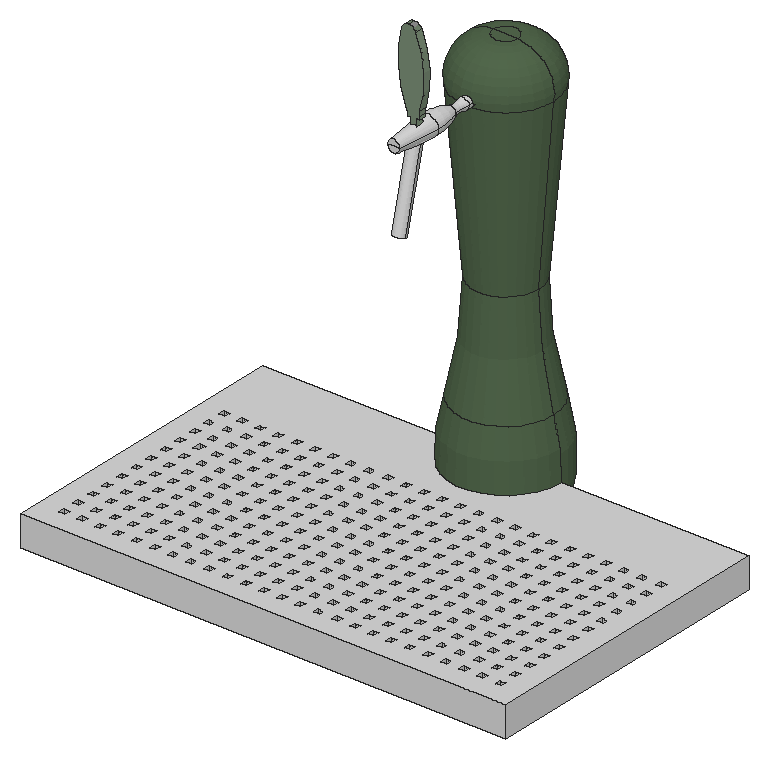
Revit family
Reference planes
  plane 1 "Mitte (Vorne/hinten)": y = 0
  plane 2: z = 0
  plane 3 "Mitte (Links/rechts)": x = 0
Forms (mm)
  Extrusion 1, solid, material "_Zapft'is_Chrom"
    sketch origin (0, 0, 0) x (1, 0, 0) y (0, 1, 0)
      loop
        line (-200, 125) -> (-200, -125) -> (200, -125) -> (200, 125) -> (-200, 125)
    from 10 to 35
  Extrusion 2, void
    sketch origin (0, 0, 0) x (1, 0, 0) y (0, 1, 0)
      loop
        line (-167.5, 62.5) -> (-167.5, 57.5) -> (-162.5, 57.5) -> (-162.5, 62.5) -> (-167.5, 62.5)
      loop
        line (-182.5, 62.5) -> (-182.5, 57.5) -> (-177.5, 57.5) -> (-177.5, 62.5) -> (-182.5, 62.5)
      loop
        line (-152.5, 62.5) -> (-152.5, 57.5) -> (-147.5, 57.5) -> (-147.5, 62.5) -> (-152.5, 62.5)
      loop
        line (-137.5, 62.5) -> (-137.5, 57.5) -> (-132.5, 57.5) -> (-132.5, 62.5) -> (-137.5, 62.5)
      loop
        line (-122.5, 62.5) -> (-122.5, 57.5) -> (-117.5, 57.5) -> (-117.5, 62.5) -> (-122.5, 62.5)
      loop
        line (-107.5, 62.5) -> (-107.5, 57.5) -> (-102.5, 57.5) -> (-102.5, 62.5) -> (-107.5, 62.5)
      loop
        line (-92.5, 62.5) -> (-92.5, 57.5) -> (-87.5, 57.5) -> (-87.5, 62.5) -> (-92.5, 62.5)
      loop
        line (-77.5, 62.5) -> (-77.5, 57.5) -> (-72.5, 57.5) -> (-72.5, 62.5) -> (-77.5, 62.5)
      loop
        line (-62.5, 62.5) -> (-62.5, 57.5) -> (-57.5, 57.5) -> (-57.5, 62.5) -> (-62.5, 62.5)
      loop
        line (-47.5, 62.5) -> (-47.5, 57.5) -> (-42.5, 57.5) -> (-42.5, 62.5) -> (-47.5, 62.5)
      loop
        line (-32.5, 62.5) -> (-32.5, 57.5) -> (-27.5, 57.5) -> (-27.5, 62.5) -> (-32.5, 62.5)
      loop
        line (-17.5, 62.5) -> (-17.5, 57.5) -> (-12.5, 57.5) -> (-12.5, 62.5) -> (-17.5, 62.5)
      loop
        line (-2.5, 62.5) -> (-2.5, 57.5) -> (2.5, 57.5) -> (2.5, 62.5) -> (-2.5, 62.5)
      loop
        line (-167.5, 47.5) -> (-167.5, 42.5) -> (-162.5, 42.5) -> (-162.5, 47.5) -> (-167.5, 47.5)
      loop
        line (-182.5, 47.5) -> (-182.5, 42.5) -> (-177.5, 42.5) -> (-177.5, 47.5) -> (-182.5, 47.5)
      loop
        line (-152.5, 47.5) -> (-152.5, 42.5) -> (-147.5, 42.5) -> (-147.5, 47.5) -> (-152.5, 47.5)
      loop
        line (-137.5, 47.5) -> (-137.5, 42.5) -> (-132.5, 42.5) -> (-132.5, 47.5) -> (-137.5, 47.5)
      loop
        line (-122.5, 47.5) -> (-122.5, 42.5) -> (-117.5, 42.5) -> (-117.5, 47.5) -> (-122.5, 47.5)
      loop
        line (-107.5, 47.5) -> (-107.5, 42.5) -> (-102.5, 42.5) -> (-102.5, 47.5) -> (-107.5, 47.5)
      loop
        line (-92.5, 47.5) -> (-92.5, 42.5) -> (-87.5, 42.5) -> (-87.5, 47.5) -> (-92.5, 47.5)
      loop
        line (-77.5, 47.5) -> (-77.5, 42.5) -> (-72.5, 42.5) -> (-72.5, 47.5) -> (-77.5, 47.5)
      loop
        line (-62.5, 47.5) -> (-62.5, 42.5) -> (-57.5, 42.5) -> (-57.5, 47.5) -> (-62.5, 47.5)
      loop
        line (-47.5, 47.5) -> (-47.5, 42.5) -> (-42.5, 42.5) -> (-42.5, 47.5) -> (-47.5, 47.5)
      loop
        line (-32.5, 47.5) -> (-32.5, 42.5) -> (-27.5, 42.5) -> (-27.5, 47.5) -> (-32.5, 47.5)
      loop
        line (-17.5, 47.5) -> (-17.5, 42.5) -> (-12.5, 42.5) -> (-12.5, 47.5) -> (-17.5, 47.5)
      loop
        line (-2.5, 47.5) -> (-2.5, 42.5) -> (2.5, 42.5) -> (2.5, 47.5) -> (-2.5, 47.5)
      loop
        line (-167.5, 32.5) -> (-167.5, 27.5) -> (-162.5, 27.5) -> (-162.5, 32.5) -> (-167.5, 32.5)
      loop
        line (-182.5, 32.5) -> (-182.5, 27.5) -> (-177.5, 27.5) -> (-177.5, 32.5) -> (-182.5, 32.5)
      loop
        line (-152.5, 32.5) -> (-152.5, 27.5) -> (-147.5, 27.5) -> (-147.5, 32.5) -> (-152.5, 32.5)
      loop
        line (-137.5, 32.5) -> (-137.5, 27.5) -> (-132.5, 27.5) -> (-132.5, 32.5) -> (-137.5, 32.5)
      loop
        line (-122.5, 32.5) -> (-122.5, 27.5) -> (-117.5, 27.5) -> (-117.5, 32.5) -> (-122.5, 32.5)
      loop
        line (-107.5, 32.5) -> (-107.5, 27.5) -> (-102.5, 27.5) -> (-102.5, 32.5) -> (-107.5, 32.5)
      loop
        line (-92.5, 32.5) -> (-92.5, 27.5) -> (-87.5, 27.5) -> (-87.5, 32.5) -> (-92.5, 32.5)
      loop
        line (-77.5, 32.5) -> (-77.5, 27.5) -> (-72.5, 27.5) -> (-72.5, 32.5) -> (-77.5, 32.5)
      loop
        line (-62.5, 32.5) -> (-62.5, 27.5) -> (-57.5, 27.5) -> (-57.5, 32.5) -> (-62.5, 32.5)
      loop
        line (-47.5, 32.5) -> (-47.5, 27.5) -> (-42.5, 27.5) -> (-42.5, 32.5) -> (-47.5, 32.5)
      loop
        line (-32.5, 32.5) -> (-32.5, 27.5) -> (-27.5, 27.5) -> (-27.5, 32.5) -> (-32.5, 32.5)
      loop
        line (-17.5, 32.5) -> (-17.5, 27.5) -> (-12.5, 27.5) -> (-12.5, 32.5) -> (-17.5, 32.5)
      loop
        line (-2.5, 32.5) -> (-2.5, 27.5) -> (2.5, 27.5) -> (2.5, 32.5) -> (-2.5, 32.5)
      loop
        line (-167.5, 18.875) -> (-167.5, 12.5) -> (-162.5, 12.5) -> (-162.5, 18.875) -> (-167.5, 18.875)
      loop
        line (-182.5, 17.5) -> (-182.5, 12.5) -> (-177.5, 12.5) -> (-177.5, 17.5) -> (-182.5, 17.5)
      loop
        line (-152.5, 17.5) -> (-152.5, 12.5) -> (-147.5, 12.5) -> (-147.5, 17.5) -> (-152.5, 17.5)
      loop
        line (-137.5, 17.5) -> (-137.5, 12.5) -> (-132.5, 12.5) -> (-132.5, 17.5) -> (-137.5, 17.5)
      loop
        line (-122.5, 17.5) -> (-122.5, 12.5) -> (-117.5, 12.5) -> (-117.5, 17.5) -> (-122.5, 17.5)
      loop
        line (-107.5, 17.5) -> (-107.5, 12.5) -> (-102.5, 12.5) -> (-102.5, 17.5) -> (-107.5, 17.5)
      loop
        line (-92.5, 17.5) -> (-92.5, 12.5) -> (-87.5, 12.5) -> (-87.5, 17.5) -> (-92.5, 17.5)
      loop
        line (-77.5, 17.5) -> (-77.5, 12.5) -> (-72.5, 12.5) -> (-72.5, 17.5) -> (-77.5, 17.5)
      loop
        line (-62.5, 17.5) -> (-62.5, 12.5) -> (-57.5, 12.5) -> (-57.5, 17.5) -> (-62.5, 17.5)
      loop
        line (-47.5, 17.5) -> (-47.5, 12.5) -> (-42.5, 12.5) -> (-42.5, 17.5) -> (-47.5, 17.5)
      loop
        line (-32.5, 17.5) -> (-32.5, 12.5) -> (-27.5, 12.5) -> (-27.5, 17.5) -> (-32.5, 17.5)
      loop
        line (-17.5, 17.5) -> (-17.5, 12.5) -> (-12.5, 12.5) -> (-12.5, 17.5) -> (-17.5, 17.5)
      loop
        line (-2.5, 17.5) -> (-2.5, 12.5) -> (2.5, 12.5) -> (2.5, 17.5) -> (-2.5, 17.5)
      loop
        line (-167.5, 2.5) -> (-167.5, -2.5) -> (-162.5, -2.5) -> (-162.5, 2.5) -> (-167.5, 2.5)
      loop
        line (-182.5, 2.5) -> (-182.5, -2.5) -> (-177.5, -2.5) -> (-177.5, 2.5) -> (-182.5, 2.5)
      loop
        line (-152.5, 2.5) -> (-152.5, -2.5) -> (-147.5, -2.5) -> (-147.5, 2.5) -> (-152.5, 2.5)
      loop
        line (-137.5, 2.5) -> (-137.5, -2.5) -> (-132.5, -2.5) -> (-132.5, 2.5) -> (-137.5, 2.5)
      loop
        line (-122.5, 2.5) -> (-122.5, -2.5) -> (-117.5, -2.5) -> (-117.5, 2.5) -> (-122.5, 2.5)
      loop
        line (-107.5, 2.5) -> (-107.5, -2.5) -> (-102.5, -2.5) -> (-102.5, 2.5) -> (-107.5, 2.5)
      loop
        line (-92.5, 2.5) -> (-92.5, -2.5) -> (-87.5, -2.5) -> (-87.5, 2.5) -> (-92.5, 2.5)
      loop
        line (-77.5, 2.5) -> (-77.5, -2.5) -> (-72.5, -2.5) -> (-72.5, 2.5) -> (-77.5, 2.5)
      loop
        line (-62.5, 2.5) -> (-62.5, -2.5) -> (-57.5, -2.5) -> (-57.5, 2.5) -> (-62.5, 2.5)
      loop
        line (-47.5, 2.5) -> (-47.5, -2.5) -> (-42.5, -2.5) -> (-42.5, 2.5) -> (-47.5, 2.5)
      loop
        line (-32.5, 2.5) -> (-32.5, -2.5) -> (-27.5, -2.5) -> (-27.5, 2.5) -> (-32.5, 2.5)
      loop
        line (-17.5, 2.5) -> (-17.5, -2.5) -> (-12.5, -2.5) -> (-12.5, 2.5) -> (-17.5, 2.5)
      loop
        line (-2.5, 2.5) -> (-2.5, -2.5) -> (2.5, -2.5) -> (2.5, 2.5) -> (-2.5, 2.5)
      loop
        line (167.5, 62.5) -> (162.5, 62.5) -> (162.5, 57.5) -> (167.5, 57.5) -> (167.5, 62.5)
      loop
        line (182.5, 62.5) -> (177.5, 62.5) -> (177.5, 57.5) -> (182.5, 57.5) -> (182.5, 62.5)
      loop
        line (152.5, 62.5) -> (147.5, 62.5) -> (147.5, 57.5) -> (152.5, 57.5) -> (152.5, 62.5)
      loop
        line (137.5, 62.5) -> (132.5, 62.5) -> (132.5, 57.5) -> (137.5, 57.5) -> (137.5, 62.5)
      loop
        line (122.5, 62.5) -> (117.5, 62.5) -> (117.5, 57.5) -> (122.5, 57.5) -> (122.5, 62.5)
      loop
        line (107.5, 62.5) -> (102.5, 62.5) -> (102.5, 57.5) -> (107.5, 57.5) -> (107.5, 62.5)
      loop
        line (92.5, 62.5) -> (87.5, 62.5) -> (87.5, 57.5) -> (92.5, 57.5) -> (92.5, 62.5)
      loop
        line (77.5, 62.5) -> (72.5, 62.5) -> (72.5, 57.5) -> (77.5, 57.5) -> (77.5, 62.5)
      loop
        line (62.5, 62.5) -> (57.5, 62.5) -> (57.5, 57.5) -> (62.5, 57.5) -> (62.5, 62.5)
      loop
        line (47.5, 62.5) -> (42.5, 62.5) -> (42.5, 57.5) -> (47.5, 57.5) -> (47.5, 62.5)
      loop
        line (32.5, 62.5) -> (27.5, 62.5) -> (27.5, 57.5) -> (32.5, 57.5) -> (32.5, 62.5)
      loop
        line (17.5, 62.5) -> (12.5, 62.5) -> (12.5, 57.5) -> (17.5, 57.5) -> (17.5, 62.5)
      loop
        line (167.5, 47.5) -> (162.5, 47.5) -> (162.5, 42.5) -> (167.5, 42.5) -> (167.5, 47.5)
      loop
        line (182.5, 47.5) -> (177.5, 47.5) -> (177.5, 42.5) -> (182.5, 42.5) -> (182.5, 47.5)
      loop
        line (152.5, 47.5) -> (147.5, 47.5) -> (147.5, 42.5) -> (152.5, 42.5) -> (152.5, 47.5)
      loop
        line (137.5, 47.5) -> (132.5, 47.5) -> (132.5, 42.5) -> (137.5, 42.5) -> (137.5, 47.5)
      loop
        line (122.5, 47.5) -> (117.5, 47.5) -> (117.5, 42.5) -> (122.5, 42.5) -> (122.5, 47.5)
      loop
        line (107.5, 47.5) -> (102.5, 47.5) -> (102.5, 42.5) -> (107.5, 42.5) -> (107.5, 47.5)
      loop
        line (92.5, 47.5) -> (87.5, 47.5) -> (87.5, 42.5) -> (92.5, 42.5) -> (92.5, 47.5)
      loop
        line (77.5, 47.5) -> (72.5, 47.5) -> (72.5, 42.5) -> (77.5, 42.5) -> (77.5, 47.5)
      loop
        line (62.5, 47.5) -> (57.5, 47.5) -> (57.5, 42.5) -> (62.5, 42.5) -> (62.5, 47.5)
      loop
        line (47.5, 47.5) -> (42.5, 47.5) -> (42.5, 42.5) -> (47.5, 42.5) -> (47.5, 47.5)
      loop
        line (32.5, 47.5) -> (27.5, 47.5) -> (27.5, 42.5) -> (32.5, 42.5) -> (32.5, 47.5)
      loop
        line (17.5, 47.5) -> (12.5, 47.5) -> (12.5, 42.5) -> (17.5, 42.5) -> (17.5, 47.5)
      loop
        line (167.5, 32.5) -> (162.5, 32.5) -> (162.5, 27.5) -> (167.5, 27.5) -> (167.5, 32.5)
      loop
        line (182.5, 32.5) -> (177.5, 32.5) -> (177.5, 27.5) -> (182.5, 27.5) -> (182.5, 32.5)
      loop
        line (152.5, 32.5) -> (147.5, 32.5) -> (147.5, 27.5) -> (152.5, 27.5) -> (152.5, 32.5)
      loop
        line (137.5, 32.5) -> (132.5, 32.5) -> (132.5, 27.5) -> (137.5, 27.5) -> (137.5, 32.5)
      loop
        line (122.5, 32.5) -> (117.5, 32.5) -> (117.5, 27.5) -> (122.5, 27.5) -> (122.5, 32.5)
      loop
        line (107.5, 32.5) -> (102.5, 32.5) -> (102.5, 27.5) -> (107.5, 27.5) -> (107.5, 32.5)
      loop
        line (92.5, 32.5) -> (87.5, 32.5) -> (87.5, 27.5) -> (92.5, 27.5) -> (92.5, 32.5)
      loop
        line (77.5, 32.5) -> (72.5, 32.5) -> (72.5, 27.5) -> (77.5, 27.5) -> (77.5, 32.5)
      loop
        line (62.5, 32.5) -> (57.5, 32.5) -> (57.5, 27.5) -> (62.5, 27.5) -> (62.5, 32.5)
      loop
        line (47.5, 32.5) -> (42.5, 32.5) -> (42.5, 27.5) -> (47.5, 27.5) -> (47.5, 32.5)
      loop
        line (32.5, 32.5) -> (27.5, 32.5) -> (27.5, 27.5) -> (32.5, 27.5) -> (32.5, 32.5)
      loop
        line (17.5, 32.5) -> (12.5, 32.5) -> (12.5, 27.5) -> (17.5, 27.5) -> (17.5, 32.5)
      loop
        line (167.5, 17.5) -> (162.5, 17.5) -> (162.5, 12.5) -> (167.5, 12.5) -> (167.5, 17.5)
      loop
        line (182.5, 17.5) -> (177.5, 17.5) -> (177.5, 12.5) -> (182.5, 12.5) -> (182.5, 17.5)
      loop
        line (152.5, 17.5) -> (147.5, 17.5) -> (147.5, 12.5) -> (152.5, 12.5) -> (152.5, 17.5)
      loop
        line (137.5, 17.5) -> (132.5, 17.5) -> (132.5, 12.5) -> (137.5, 12.5) -> (137.5, 17.5)
      loop
        line (122.5, 17.5) -> (117.5, 17.5) -> (117.5, 12.5) -> (122.5, 12.5) -> (122.5, 17.5)
      loop
        line (107.5, 17.5) -> (102.5, 17.5) -> (102.5, 12.5) -> (107.5, 12.5) -> (107.5, 17.5)
      loop
        line (92.5, 17.5) -> (87.5, 17.5) -> (87.5, 12.5) -> (92.5, 12.5) -> (92.5, 17.5)
      loop
        line (77.5, 17.5) -> (72.5, 17.5) -> (72.5, 12.5) -> (77.5, 12.5) -> (77.5, 17.5)
      loop
        line (62.5, 17.5) -> (57.5, 17.5) -> (57.5, 12.5) -> (62.5, 12.5) -> (62.5, 17.5)
      loop
        line (47.5, 17.5) -> (42.5, 17.5) -> (42.5, 12.5) -> (47.5, 12.5) -> (47.5, 17.5)
      loop
        line (32.5, 17.5) -> (27.5, 17.5) -> (27.5, 12.5) -> (32.5, 12.5) -> (32.5, 17.5)
      loop
        line (17.5, 17.5) -> (12.5, 17.5) -> (12.5, 12.5) -> (17.5, 12.5) -> (17.5, 17.5)
      loop
        line (167.5, 2.5) -> (162.5, 2.5) -> (162.5, -2.5) -> (167.5, -2.5) -> (167.5, 2.5)
      loop
        line (182.5, 2.5) -> (177.5, 2.5) -> (177.5, -2.5) -> (182.5, -2.5) -> (182.5, 2.5)
      loop
        line (152.5, 2.5) -> (147.5, 2.5) -> (147.5, -2.5) -> (152.5, -2.5) -> (152.5, 2.5)
      loop
        line (137.5, 2.5) -> (132.5, 2.5) -> (132.5, -2.5) -> (137.5, -2.5) -> (137.5, 2.5)
      loop
        line (122.5, 2.5) -> (117.5, 2.5) -> (117.5, -2.5) -> (122.5, -2.5) -> (122.5, 2.5)
      loop
        line (107.5, 2.5) -> (102.5, 2.5) -> (102.5, -2.5) -> (107.5, -2.5) -> (107.5, 2.5)
      loop
        line (92.5, 2.5) -> (87.5, 2.5) -> (87.5, -2.5) -> (92.5, -2.5) -> (92.5, 2.5)
      loop
        line (77.5, 2.5) -> (72.5, 2.5) -> (72.5, -2.5) -> (77.5, -2.5) -> (77.5, 2.5)
      loop
        line (62.5, 2.5) -> (57.5, 2.5) -> (57.5, -2.5) -> (62.5, -2.5) -> (62.5, 2.5)
      loop
        line (47.5, 2.5) -> (42.5, 2.5) -> (42.5, -2.5) -> (47.5, -2.5) -> (47.5, 2.5)
      loop
        line (32.5, 2.5) -> (27.5, 2.5) -> (27.5, -2.5) -> (32.5, -2.5) -> (32.5, 2.5)
      loop
        line (17.5, 2.5) -> (12.5, 2.5) -> (12.5, -2.5) -> (17.5, -2.5) -> (17.5, 2.5)
      loop
        line (-182.5, -107.5) -> (-177.5, -107.5) -> (-177.5, -102.5) -> (-182.5, -102.5) -> (-182.5, -107.5)
      loop
        line (-167.5, -107.5) -> (-162.5, -107.5) -> (-162.5, -102.5) -> (-167.5, -102.5) -> (-167.5, -107.5)
      loop
        line (-167.5, -92.5) -> (-162.5, -92.5) -> (-162.5, -87.5) -> (-167.5, -87.5) -> (-167.5, -92.5)
      loop
        line (-182.5, -92.5) -> (-177.5, -92.5) -> (-177.5, -87.5) -> (-182.5, -87.5) -> (-182.5, -92.5)
      loop
        line (-152.5, -107.5) -> (-147.5, -107.5) -> (-147.5, -102.5) -> (-152.5, -102.5) -> (-152.5, -107.5)
      loop
        line (-152.5, -92.5) -> (-147.5, -92.5) -> (-147.5, -87.5) -> (-152.5, -87.5) -> (-152.5, -92.5)
      loop
        line (-137.5, -107.5) -> (-132.5, -107.5) -> (-132.5, -102.5) -> (-137.5, -102.5) -> (-137.5, -107.5)
      loop
        line (-137.5, -92.5) -> (-132.5, -92.5) -> (-132.5, -87.5) -> (-137.5, -87.5) -> (-137.5, -92.5)
      loop
        line (-122.5, -107.5) -> (-117.5, -107.5) -> (-117.5, -102.5) -> (-122.5, -102.5) -> (-122.5, -107.5)
      loop
        line (-122.5, -92.5) -> (-117.5, -92.5) -> (-117.5, -87.5) -> (-122.5, -87.5) -> (-122.5, -92.5)
      loop
        line (-107.5, -107.5) -> (-102.5, -107.5) -> (-102.5, -102.5) -> (-107.5, -102.5) -> (-107.5, -107.5)
      loop
        line (-107.5, -92.5) -> (-102.5, -92.5) -> (-102.5, -87.5) -> (-107.5, -87.5) -> (-107.5, -92.5)
      loop
        line (-92.5, -107.5) -> (-87.5, -107.5) -> (-87.5, -102.5) -> (-92.5, -102.5) -> (-92.5, -107.5)
      loop
        line (-92.5, -92.5) -> (-87.5, -92.5) -> (-87.5, -87.5) -> (-92.5, -87.5) -> (-92.5, -92.5)
      loop
        line (-77.5, -107.5) -> (-72.5, -107.5) -> (-72.5, -102.5) -> (-77.5, -102.5) -> (-77.5, -107.5)
      loop
        line (-77.5, -92.5) -> (-72.5, -92.5) -> (-72.5, -87.5) -> (-77.5, -87.5) -> (-77.5, -92.5)
      loop
        line (-62.5, -107.5) -> (-57.5, -107.5) -> (-57.5, -102.5) -> (-62.5, -102.5) -> (-62.5, -107.5)
      loop
        line (-62.5, -92.5) -> (-57.5, -92.5) -> (-57.5, -87.5) -> (-62.5, -87.5) -> (-62.5, -92.5)
      loop
        line (-47.5, -107.5) -> (-42.5, -107.5) -> (-42.5, -102.5) -> (-47.5, -102.5) -> (-47.5, -107.5)
      loop
        line (-47.5, -92.5) -> (-42.5, -92.5) -> (-42.5, -87.5) -> (-47.5, -87.5) -> (-47.5, -92.5)
      loop
        line (-32.5, -107.5) -> (-27.5, -107.5) -> (-27.5, -102.5) -> (-32.5, -102.5) -> (-32.5, -107.5)
      loop
        line (-32.5, -92.5) -> (-27.5, -92.5) -> (-27.5, -87.5) -> (-32.5, -87.5) -> (-32.5, -92.5)
      loop
        line (-17.5, -107.5) -> (-12.5, -107.5) -> (-12.5, -102.5) -> (-17.5, -102.5) -> (-17.5, -107.5)
      loop
        line (-17.5, -92.5) -> (-12.5, -92.5) -> (-12.5, -87.5) -> (-17.5, -87.5) -> (-17.5, -92.5)
      loop
        line (-2.5, -107.5) -> (2.5, -107.5) -> (2.5, -102.5) -> (-2.5, -102.5) -> (-2.5, -107.5)
      loop
        line (-2.5, -92.5) -> (2.5, -92.5) -> (2.5, -87.5) -> (-2.5, -87.5) -> (-2.5, -92.5)
      loop
        line (-167.5, -77.5) -> (-162.5, -77.5) -> (-162.5, -72.5) -> (-167.5, -72.5) -> (-167.5, -77.5)
      loop
        line (-182.5, -77.5) -> (-177.5, -77.5) -> (-177.5, -72.5) -> (-182.5, -72.5) -> (-182.5, -77.5)
      loop
        line (-152.5, -77.5) -> (-147.5, -77.5) -> (-147.5, -72.5) -> (-152.5, -72.5) -> (-152.5, -77.5)
      loop
        line (-137.5, -77.5) -> (-132.5, -77.5) -> (-132.5, -72.5) -> (-137.5, -72.5) -> (-137.5, -77.5)
      loop
        line (-122.5, -77.5) -> (-117.5, -77.5) -> (-117.5, -72.5) -> (-122.5, -72.5) -> (-122.5, -77.5)
      loop
        line (-107.5, -77.5) -> (-102.5, -77.5) -> (-102.5, -72.5) -> (-107.5, -72.5) -> (-107.5, -77.5)
      loop
        line (-92.5, -77.5) -> (-87.5, -77.5) -> (-87.5, -72.5) -> (-92.5, -72.5) -> (-92.5, -77.5)
      loop
        line (-77.5, -77.5) -> (-72.5, -77.5) -> (-72.5, -72.5) -> (-77.5, -72.5) -> (-77.5, -77.5)
      loop
        line (-62.5, -77.5) -> (-57.5, -77.5) -> (-57.5, -72.5) -> (-62.5, -72.5) -> (-62.5, -77.5)
      loop
        line (-47.5, -77.5) -> (-42.5, -77.5) -> (-42.5, -72.5) -> (-47.5, -72.5) -> (-47.5, -77.5)
      loop
        line (-32.5, -77.5) -> (-27.5, -77.5) -> (-27.5, -72.5) -> (-32.5, -72.5) -> (-32.5, -77.5)
      loop
        line (-17.5, -77.5) -> (-12.5, -77.5) -> (-12.5, -72.5) -> (-17.5, -72.5) -> (-17.5, -77.5)
      loop
        line (-2.5, -77.5) -> (2.5, -77.5) -> (2.5, -72.5) -> (-2.5, -72.5) -> (-2.5, -77.5)
      loop
        line (-167.5, -62.5) -> (-162.5, -62.5) -> (-162.5, -57.5) -> (-167.5, -57.5) -> (-167.5, -62.5)
      loop
        line (-182.5, -62.5) -> (-177.5, -62.5) -> (-177.5, -57.5) -> (-182.5, -57.5) -> (-182.5, -62.5)
      loop
        line (-152.5, -62.5) -> (-147.5, -62.5) -> (-147.5, -57.5) -> (-152.5, -57.5) -> (-152.5, -62.5)
      loop
        line (-137.5, -62.5) -> (-132.5, -62.5) -> (-132.5, -57.5) -> (-137.5, -57.5) -> (-137.5, -62.5)
      loop
        line (-122.5, -62.5) -> (-117.5, -62.5) -> (-117.5, -57.5) -> (-122.5, -57.5) -> (-122.5, -62.5)
      loop
        line (-107.5, -62.5) -> (-102.5, -62.5) -> (-102.5, -57.5) -> (-107.5, -57.5) -> (-107.5, -62.5)
      loop
        line (-92.5, -62.5) -> (-87.5, -62.5) -> (-87.5, -57.5) -> (-92.5, -57.5) -> (-92.5, -62.5)
      loop
        line (-77.5, -62.5) -> (-72.5, -62.5) -> (-72.5, -57.5) -> (-77.5, -57.5) -> (-77.5, -62.5)
      loop
        line (-62.5, -62.5) -> (-57.5, -62.5) -> (-57.5, -57.5) -> (-62.5, -57.5) -> (-62.5, -62.5)
      loop
        line (-47.5, -62.5) -> (-42.5, -62.5) -> (-42.5, -57.5) -> (-47.5, -57.5) -> (-47.5, -62.5)
      loop
        line (-32.5, -62.5) -> (-27.5, -62.5) -> (-27.5, -57.5) -> (-32.5, -57.5) -> (-32.5, -62.5)
      loop
        line (-17.5, -62.5) -> (-12.5, -62.5) -> (-12.5, -57.5) -> (-17.5, -57.5) -> (-17.5, -62.5)
      loop
        line (-2.5, -62.5) -> (2.5, -62.5) -> (2.5, -57.5) -> (-2.5, -57.5) -> (-2.5, -62.5)
      loop
        line (-167.5, -47.5) -> (-162.5, -47.5) -> (-162.5, -42.5) -> (-167.5, -42.5) -> (-167.5, -47.5)
      loop
        line (-182.5, -47.5) -> (-177.5, -47.5) -> (-177.5, -42.5) -> (-182.5, -42.5) -> (-182.5, -47.5)
      loop
        line (-152.5, -47.5) -> (-147.5, -47.5) -> (-147.5, -42.5) -> (-152.5, -42.5) -> (-152.5, -47.5)
      loop
        line (-137.5, -47.5) -> (-132.5, -47.5) -> (-132.5, -42.5) -> (-137.5, -42.5) -> (-137.5, -47.5)
      loop
        line (-122.5, -47.5) -> (-117.5, -47.5) -> (-117.5, -42.5) -> (-122.5, -42.5) -> (-122.5, -47.5)
      loop
        line (-107.5, -47.5) -> (-102.5, -47.5) -> (-102.5, -42.5) -> (-107.5, -42.5) -> (-107.5, -47.5)
      loop
        line (-92.5, -47.5) -> (-87.5, -47.5) -> (-87.5, -42.5) -> (-92.5, -42.5) -> (-92.5, -47.5)
      loop
        line (-77.5, -47.5) -> (-72.5, -47.5) -> (-72.5, -42.5) -> (-77.5, -42.5) -> (-77.5, -47.5)
      loop
        line (-62.5, -47.5) -> (-57.5, -47.5) -> (-57.5, -42.5) -> (-62.5, -42.5) -> (-62.5, -47.5)
      loop
        line (-47.5, -47.5) -> (-42.5, -47.5) -> (-42.5, -42.5) -> (-47.5, -42.5) -> (-47.5, -47.5)
      loop
        line (-32.5, -47.5) -> (-27.5, -47.5) -> (-27.5, -42.5) -> (-32.5, -42.5) -> (-32.5, -47.5)
      loop
        line (-17.5, -47.5) -> (-12.5, -47.5) -> (-12.5, -42.5) -> (-17.5, -42.5) -> (-17.5, -47.5)
      loop
        line (-2.5, -47.5) -> (2.5, -47.5) -> (2.5, -42.5) -> (-2.5, -42.5) -> (-2.5, -47.5)
      loop
        line (-167.5, -32.5) -> (-162.5, -32.5) -> (-162.5, -27.5) -> (-167.5, -27.5) -> (-167.5, -32.5)
      loop
        line (-182.5, -32.5) -> (-177.5, -32.5) -> (-177.5, -27.5) -> (-182.5, -27.5) -> (-182.5, -32.5)
      loop
        line (-152.5, -32.5) -> (-147.5, -32.5) -> (-147.5, -27.5) -> (-152.5, -27.5) -> (-152.5, -32.5)
      loop
        line (-137.5, -32.5) -> (-132.5, -32.5) -> (-132.5, -27.5) -> (-137.5, -27.5) -> (-137.5, -32.5)
      loop
        line (-122.5, -32.5) -> (-117.5, -32.5) -> (-117.5, -27.5) -> (-122.5, -27.5) -> (-122.5, -32.5)
      loop
        line (-107.5, -32.5) -> (-102.5, -32.5) -> (-102.5, -27.5) -> (-107.5, -27.5) -> (-107.5, -32.5)
      loop
        line (-92.5, -32.5) -> (-87.5, -32.5) -> (-87.5, -27.5) -> (-92.5, -27.5) -> (-92.5, -32.5)
      loop
        line (-77.5, -32.5) -> (-72.5, -32.5) -> (-72.5, -27.5) -> (-77.5, -27.5) -> (-77.5, -32.5)
      loop
        line (-62.5, -32.5) -> (-57.5, -32.5) -> (-57.5, -27.5) -> (-62.5, -27.5) -> (-62.5, -32.5)
      loop
        line (-47.5, -32.5) -> (-42.5, -32.5) -> (-42.5, -27.5) -> (-47.5, -27.5) -> (-47.5, -32.5)
      loop
        line (-32.5, -32.5) -> (-27.5, -32.5) -> (-27.5, -27.5) -> (-32.5, -27.5) -> (-32.5, -32.5)
      loop
        line (-17.5, -32.5) -> (-12.5, -32.5) -> (-12.5, -27.5) -> (-17.5, -27.5) -> (-17.5, -32.5)
      loop
        line (-2.5, -32.5) -> (2.5, -32.5) -> (2.5, -27.5) -> (-2.5, -27.5) -> (-2.5, -32.5)
      loop
        line (-167.5, -17.5) -> (-162.5, -17.5) -> (-162.5, -12.5) -> (-167.5, -12.5) -> (-167.5, -17.5)
      loop
        line (-182.5, -17.5) -> (-177.5, -17.5) -> (-177.5, -12.5) -> (-182.5, -12.5) -> (-182.5, -17.5)
      loop
        line (-152.5, -17.5) -> (-147.5, -17.5) -> (-147.5, -12.5) -> (-152.5, -12.5) -> (-152.5, -17.5)
      loop
        line (-137.5, -17.5) -> (-132.5, -17.5) -> (-132.5, -12.5) -> (-137.5, -12.5) -> (-137.5, -17.5)
      loop
        line (-122.5, -17.5) -> (-117.5, -17.5) -> (-117.5, -12.5) -> (-122.5, -12.5) -> (-122.5, -17.5)
      loop
        line (-107.5, -17.5) -> (-102.5, -17.5) -> (-102.5, -12.5) -> (-107.5, -12.5) -> (-107.5, -17.5)
      loop
        line (-92.5, -17.5) -> (-87.5, -17.5) -> (-87.5, -12.5) -> (-92.5, -12.5) -> (-92.5, -17.5)
      loop
        line (-77.5, -17.5) -> (-72.5, -17.5) -> (-72.5, -12.5) -> (-77.5, -12.5) -> (-77.5, -17.5)
      loop
        line (-62.5, -17.5) -> (-57.5, -17.5) -> (-57.5, -12.5) -> (-62.5, -12.5) -> (-62.5, -17.5)
      loop
        line (-47.5, -17.5) -> (-42.5, -17.5) -> (-42.5, -12.5) -> (-47.5, -12.5) -> (-47.5, -17.5)
      loop
        line (-32.5, -17.5) -> (-27.5, -17.5) -> (-27.5, -12.5) -> (-32.5, -12.5) -> (-32.5, -17.5)
      loop
        line (-17.5, -17.5) -> (-12.5, -17.5) -> (-12.5, -12.5) -> (-17.5, -12.5) -> (-17.5, -17.5)
      loop
        line (-2.5, -17.5) -> (2.5, -17.5) -> (2.5, -12.5) -> (-2.5, -12.5) -> (-2.5, -17.5)
      loop
        line (182.5, -107.5) -> (182.5, -102.5) -> (177.5, -102.5) -> (177.5, -107.5) -> (182.5, -107.5)
      loop
        line (167.5, -107.5) -> (167.5, -102.5) -> (162.5, -102.5) -> (162.5, -107.5) -> (167.5, -107.5)
      loop
        line (167.5, -92.5) -> (167.5, -87.5) -> (162.5, -87.5) -> (162.5, -92.5) -> (167.5, -92.5)
      loop
        line (182.5, -92.5) -> (182.5, -87.5) -> (177.5, -87.5) -> (177.5, -92.5) -> (182.5, -92.5)
      loop
        line (152.5, -107.5) -> (152.5, -102.5) -> (147.5, -102.5) -> (147.5, -107.5) -> (152.5, -107.5)
      loop
        line (152.5, -92.5) -> (152.5, -87.5) -> (147.5, -87.5) -> (147.5, -92.5) -> (152.5, -92.5)
      loop
        line (137.5, -107.5) -> (137.5, -102.5) -> (132.5, -102.5) -> (132.5, -107.5) -> (137.5, -107.5)
      loop
        line (137.5, -92.5) -> (137.5, -87.5) -> (132.5, -87.5) -> (132.5, -92.5) -> (137.5, -92.5)
      loop
        line (122.5, -107.5) -> (122.5, -102.5) -> (117.5, -102.5) -> (117.5, -107.5) -> (122.5, -107.5)
      loop
        line (122.5, -92.5) -> (122.5, -87.5) -> (117.5, -87.5) -> (117.5, -92.5) -> (122.5, -92.5)
      loop
        line (107.5, -107.5) -> (107.5, -102.5) -> (102.5, -102.5) -> (102.5, -107.5) -> (107.5, -107.5)
      loop
        line (107.5, -92.5) -> (107.5, -87.5) -> (102.5, -87.5) -> (102.5, -92.5) -> (107.5, -92.5)
      loop
        line (92.5, -107.5) -> (92.5, -102.5) -> (87.5, -102.5) -> (87.5, -107.5) -> (92.5, -107.5)
      loop
        line (92.5, -92.5) -> (92.5, -87.5) -> (87.5, -87.5) -> (87.5, -92.5) -> (92.5, -92.5)
      loop
        line (77.5, -107.5) -> (77.5, -102.5) -> (72.5, -102.5) -> (72.5, -107.5) -> (77.5, -107.5)
      loop
        line (77.5, -92.5) -> (77.5, -87.5) -> (72.5, -87.5) -> (72.5, -92.5) -> (77.5, -92.5)
      loop
        line (62.5, -107.5) -> (62.5, -102.5) -> (57.5, -102.5) -> (57.5, -107.5) -> (62.5, -107.5)
      loop
        line (62.5, -92.5) -> (62.5, -87.5) -> (57.5, -87.5) -> (57.5, -92.5) -> (62.5, -92.5)
      loop
        line (47.5, -107.5) -> (47.5, -102.5) -> (42.5, -102.5) -> (42.5, -107.5) -> (47.5, -107.5)
      loop
        line (47.5, -92.5) -> (47.5, -87.5) -> (42.5, -87.5) -> (42.5, -92.5) -> (47.5, -92.5)
      loop
        line (32.5, -107.5) -> (32.5, -102.5) -> (27.5, -102.5) -> (27.5, -107.5) -> (32.5, -107.5)
      loop
        line (32.5, -92.5) -> (32.5, -87.5) -> (27.5, -87.5) -> (27.5, -92.5) -> (32.5, -92.5)
      loop
        line (17.5, -107.5) -> (17.5, -102.5) -> (12.5, -102.5) -> (12.5, -107.5) -> (17.5, -107.5)
      loop
        line (17.5, -92.5) -> (17.5, -87.5) -> (12.5, -87.5) -> (12.5, -92.5) -> (17.5, -92.5)
      loop
        line (167.5, -77.5) -> (167.5, -72.5) -> (162.5, -72.5) -> (162.5, -77.5) -> (167.5, -77.5)
      loop
        line (182.5, -77.5) -> (182.5, -72.5) -> (177.5, -72.5) -> (177.5, -77.5) -> (182.5, -77.5)
      loop
        line (152.5, -77.5) -> (152.5, -72.5) -> (147.5, -72.5) -> (147.5, -77.5) -> (152.5, -77.5)
      loop
        line (137.5, -77.5) -> (137.5, -72.5) -> (132.5, -72.5) -> (132.5, -77.5) -> (137.5, -77.5)
      loop
        line (122.5, -77.5) -> (122.5, -72.5) -> (117.5, -72.5) -> (117.5, -77.5) -> (122.5, -77.5)
      loop
        line (107.5, -77.5) -> (107.5, -72.5) -> (102.5, -72.5) -> (102.5, -77.5) -> (107.5, -77.5)
      loop
        line (92.5, -77.5) -> (92.5, -72.5) -> (87.5, -72.5) -> (87.5, -77.5) -> (92.5, -77.5)
      loop
        line (77.5, -77.5) -> (77.5, -72.5) -> (72.5, -72.5) -> (72.5, -77.5) -> (77.5, -77.5)
      loop
        line (62.5, -77.5) -> (62.5, -72.5) -> (57.5, -72.5) -> (57.5, -77.5) -> (62.5, -77.5)
      loop
        line (47.5, -77.5) -> (47.5, -72.5) -> (42.5, -72.5) -> (42.5, -77.5) -> (47.5, -77.5)
      loop
        line (32.5, -77.5) -> (32.5, -72.5) -> (27.5, -72.5) -> (27.5, -77.5) -> (32.5, -77.5)
      loop
        line (17.5, -77.5) -> (17.5, -72.5) -> (12.5, -72.5) -> (12.5, -77.5) -> (17.5, -77.5)
      loop
        line (167.5, -62.5) -> (167.5, -57.5) -> (162.5, -57.5) -> (162.5, -62.5) -> (167.5, -62.5)
      loop
        line (182.5, -62.5) -> (182.5, -57.5) -> (177.5, -57.5) -> (177.5, -62.5) -> (182.5, -62.5)
      loop
        line (152.5, -62.5) -> (152.5, -57.5) -> (147.5, -57.5) -> (147.5, -62.5) -> (152.5, -62.5)
      loop
        line (137.5, -62.5) -> (137.5, -57.5) -> (132.5, -57.5) -> (132.5, -62.5) -> (137.5, -62.5)
      loop
        line (122.5, -62.5) -> (122.5, -57.5) -> (117.5, -57.5) -> (117.5, -62.5) -> (122.5, -62.5)
      loop
        line (107.5, -62.5) -> (107.5, -57.5) -> (102.5, -57.5) -> (102.5, -62.5) -> (107.5, -62.5)
      loop
        line (92.5, -62.5) -> (92.5, -57.5) -> (87.5, -57.5) -> (87.5, -62.5) -> (92.5, -62.5)
      loop
        line (77.5, -62.5) -> (77.5, -57.5) -> (72.5, -57.5) -> (72.5, -62.5) -> (77.5, -62.5)
      loop
        line (62.5, -62.5) -> (62.5, -57.5) -> (57.5, -57.5) -> (57.5, -62.5) -> (62.5, -62.5)
      loop
        line (47.5, -62.5) -> (47.5, -57.5) -> (42.5, -57.5) -> (42.5, -62.5) -> (47.5, -62.5)
      loop
        line (32.5, -62.5) -> (32.5, -57.5) -> (27.5, -57.5) -> (27.5, -62.5) -> (32.5, -62.5)
      loop
        line (17.5, -62.5) -> (17.5, -57.5) -> (12.5, -57.5) -> (12.5, -62.5) -> (17.5, -62.5)
      loop
        line (167.5, -47.5) -> (167.5, -42.5) -> (162.5, -42.5) -> (162.5, -47.5) -> (167.5, -47.5)
      loop
        line (182.5, -47.5) -> (182.5, -42.5) -> (177.5, -42.5) -> (177.5, -47.5) -> (182.5, -47.5)
      loop
        line (152.5, -47.5) -> (152.5, -42.5) -> (147.5, -42.5) -> (147.5, -47.5) -> (152.5, -47.5)
      loop
        line (137.5, -47.5) -> (137.5, -42.5) -> (132.5, -42.5) -> (132.5, -47.5) -> (137.5, -47.5)
      loop
        line (122.5, -47.5) -> (122.5, -42.5) -> (117.5, -42.5) -> (117.5, -47.5) -> (122.5, -47.5)
      loop
        line (107.5, -47.5) -> (107.5, -42.5) -> (102.5, -42.5) -> (102.5, -47.5) -> (107.5, -47.5)
      loop
        line (92.5, -47.5) -> (92.5, -42.5) -> (87.5, -42.5) -> (87.5, -47.5) -> (92.5, -47.5)
      loop
        line (77.5, -47.5) -> (77.5, -42.5) -> (72.5, -42.5) -> (72.5, -47.5) -> (77.5, -47.5)
      loop
        line (62.5, -47.5) -> (62.5, -42.5) -> (57.5, -42.5) -> (57.5, -47.5) -> (62.5, -47.5)
      loop
        line (47.5, -47.5) -> (47.5, -42.5) -> (42.5, -42.5) -> (42.5, -47.5) -> (47.5, -47.5)
      loop
        line (32.5, -47.5) -> (32.5, -42.5) -> (27.5, -42.5) -> (27.5, -47.5) -> (32.5, -47.5)
      loop
        line (17.5, -47.5) -> (17.5, -42.5) -> (12.5, -42.5) -> (12.5, -47.5) -> (17.5, -47.5)
      loop
        line (167.5, -32.5) -> (167.5, -27.5) -> (162.5, -27.5) -> (162.5, -32.5) -> (167.5, -32.5)
      loop
        line (182.5, -32.5) -> (182.5, -27.5) -> (177.5, -27.5) -> (177.5, -32.5) -> (182.5, -32.5)
      loop
        line (152.5, -32.5) -> (152.5, -27.5) -> (147.5, -27.5) -> (147.5, -32.5) -> (152.5, -32.5)
      loop
        line (137.5, -32.5) -> (137.5, -27.5) -> (132.5, -27.5) -> (132.5, -32.5) -> (137.5, -32.5)
      loop
        line (122.5, -32.5) -> (122.5, -27.5) -> (117.5, -27.5) -> (117.5, -32.5) -> (122.5, -32.5)
      loop
        line (107.5, -32.5) -> (107.5, -27.5) -> (102.5, -27.5) -> (102.5, -32.5) -> (107.5, -32.5)
      loop
        line (92.5, -32.5) -> (92.5, -27.5) -> (87.5, -27.5) -> (87.5, -32.5) -> (92.5, -32.5)
      loop
        line (77.5, -32.5) -> (77.5, -27.5) -> (72.5, -27.5) -> (72.5, -32.5) -> (77.5, -32.5)
      loop
        line (62.5, -32.5) -> (62.5, -27.5) -> (57.5, -27.5) -> (57.5, -32.5) -> (62.5, -32.5)
      loop
        line (47.5, -32.5) -> (47.5, -27.5) -> (42.5, -27.5) -> (42.5, -32.5) -> (47.5, -32.5)
      loop
        line (32.5, -32.5) -> (32.5, -27.5) -> (27.5, -27.5) -> (27.5, -32.5) -> (32.5, -32.5)
      loop
        line (17.5, -32.5) -> (17.5, -27.5) -> (12.5, -27.5) -> (12.5, -32.5) -> (17.5, -32.5)
      loop
        line (167.5, -17.5) -> (167.5, -12.5) -> (162.5, -12.5) -> (162.5, -17.5) -> (167.5, -17.5)
      loop
        line (182.5, -17.5) -> (182.5, -12.5) -> (177.5, -12.5) -> (177.5, -17.5) -> (182.5, -17.5)
      loop
        line (152.5, -17.5) -> (152.5, -12.5) -> (147.5, -12.5) -> (147.5, -17.5) -> (152.5, -17.5)
      loop
        line (137.5, -17.5) -> (137.5, -12.5) -> (132.5, -12.5) -> (132.5, -17.5) -> (137.5, -17.5)
      loop
        line (122.5, -17.5) -> (122.5, -12.5) -> (117.5, -12.5) -> (117.5, -17.5) -> (122.5, -17.5)
      loop
        line (107.5, -17.5) -> (107.5, -12.5) -> (102.5, -12.5) -> (102.5, -17.5) -> (107.5, -17.5)
      loop
        line (92.5, -17.5) -> (92.5, -12.5) -> (87.5, -12.5) -> (87.5, -17.5) -> (92.5, -17.5)
      loop
        line (77.5, -17.5) -> (77.5, -12.5) -> (72.5, -12.5) -> (72.5, -17.5) -> (77.5, -17.5)
      loop
        line (62.5, -17.5) -> (62.5, -12.5) -> (57.5, -12.5) -> (57.5, -17.5) -> (62.5, -17.5)
      loop
        line (47.5, -17.5) -> (47.5, -12.5) -> (42.5, -12.5) -> (42.5, -17.5) -> (47.5, -17.5)
      loop
        line (32.5, -17.5) -> (32.5, -12.5) -> (27.5, -12.5) -> (27.5, -17.5) -> (32.5, -17.5)
      loop
        line (17.5, -17.5) -> (17.5, -12.5) -> (12.5, -12.5) -> (12.5, -17.5) -> (17.5, -17.5)
    from 16.514 to 35
  Revolve 3, solid, material "_Zapft'is_Logo_Ständer"
    sketch origin (0, 125, 0) x (1, 0, 0) y (0, 0, -1)
      loop
        line (0, 0) -> (0, -350) -> (10, -350)
        arc (10, -350) -> (33.336, -339.118) -> (40, -314.247) r 30.463
        arc (40, -314.247) -> (30.638, -243.065) -> (27.534, -171.337) r 820.551
        arc (27.534, -171.337) -> (30.677, -126.553) -> (40, -82.638) r 322.982
        arc (40, -82.638) -> (45.796, -41.319) -> (40, 0) r 150.173
        line (40, 0) -> (0, 0)
      axis (0, -350) -> (0, 0)
    angle from 0 to 360
  Extrusion 4, void, material "_Zapft'is_Logo_Ständer"
    sketch origin (0, 0, 0) x (0, 1, 0) y (0, 0, 1)
      loop
        line (75.257, 35) -> (75.257, 10) -> (125, 10) -> (125, 35) -> (75.257, 35)
    from -62.5 to 102.5
  Revolve 5, solid, material "_Zapft'is_Chrom"
    sketch origin (0, 0, 317.671) x (0, -1, 0) y (1, 0, 0)
      loop
        line (-95, 0) -> (-10, 0) -> (-10, 5)
        arc (-10, 5) -> (-27.347, 7.373) -> (-44.808, 8.658) r 280.303
        arc (-44.808, 8.658) -> (-56.323, 7.896) -> (-67.405, 4.674) r 53.339
        arc (-67.405, 4.674) -> (-74.333, 3.301) -> (-81.261, 4.674) r 18.165
        line (-81.261, 4.674) -> (-95, 4.674) -> (-95, 0)
      axis (-95, 0) -> (-10, 0)
    angle from 0 to 360
  Extrusion 6, solid, material "_Zapft'is_Chrom"
    sketch origin (0, -24.529, 57.548) x (1, 0, 0) y (0, 0.970296, -0.241922)
      loop
        circle (0, -7.266) r 5
    from 195.714 to 264.979
  Extrusion 7, solid, material "_Zapft'is_Logo_Griff"
    sketch origin (0, 22.59, -1.556) x (1, 0, 0) y (0, -0.069756, 0.997564)
      loop
        line (-5, 330) -> (-2.5, 330) -> (-2.5, 322.671) -> (2.5, 322.671) -> (2.5, 330) -> (5, 330) -> (5, 332.671)
        arc (5, 332.671) -> (5.179, 334.909) -> (5.711, 337.09) r 14.085
        arc (5.711, 337.09) -> (10.539, 367.09) -> (5.711, 397.09) r 95.619
        arc (5.711, 397.09) -> (3.519, 400.037) -> (0, 401.089) r 5.831
        arc (0, 401.089) -> (-3.519, 400.037) -> (-5.711, 397.09) r 5.831
        arc (-5.711, 397.09) -> (-10.539, 367.09) -> (-5.711, 337.09) r 95.619
        arc (-5.711, 337.09) -> (-5.179, 334.909) -> (-5, 332.671) r 14.085
        line (-5, 332.671) -> (-5, 330)
    from -36.336 to -30.802
Cuts and joins
  Extrusion 2 cuts Extrusion 1
  Extrusion 4 cuts Revolve 3
  joined: Revolve 5, Extrusion 6
